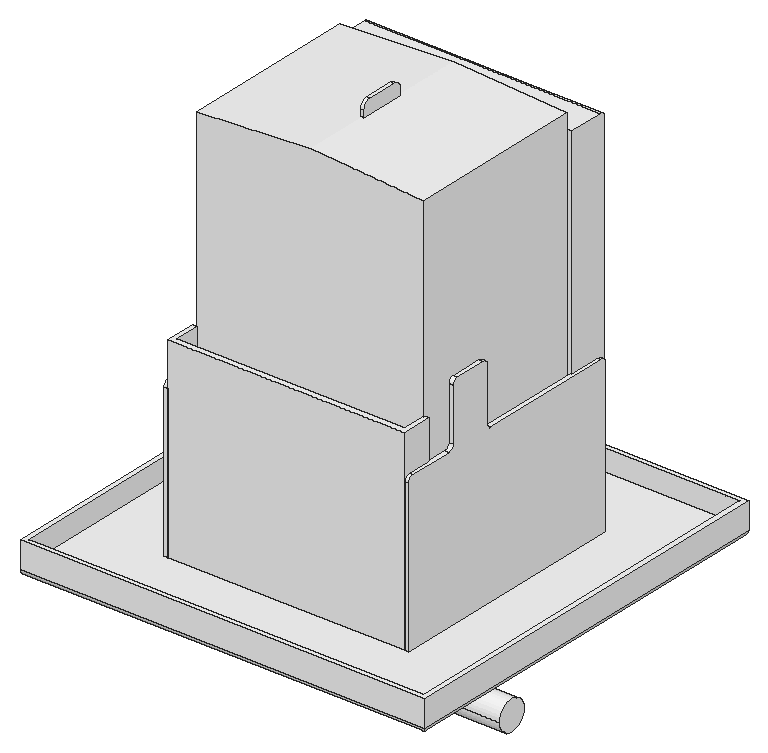
Revit family "NBS_DudleyIndustriesLimited_SoapDpnsrs_ModuloManualSoap", category Generic Models, Revit 2017
Family settings
  Can host rebar = No
  Round Connector Dimension = Use Diameter
  Part Type = Normal
  Work Plane-Based = No
  Always vertical = Yes
  Cut with Voids When Loaded = No
  Shared = No
  Room Calculation Point = No
Parameters (values of type "ModuloManualSoap")
  WarrantyStartDate [instance] = "1900-12-31T23:59:59"
  WarrantyGuarantorParts = "n/a"
  WarrantyGuarantorLabor = "n/a"
  WarrantyDurationUnit = "year"
  WarrantyDurationParts = "n/a"
  WarrantyDurationLabor = "n/a"
  WarrantyDescription = "10 year warranty"
  Version = "1"  # constant formula
  Uniclass2015Version = "Products v1.12"
  Uniclass2015Title = "Soap dispensers"
  Uniclass2015Code = "Pr_40_70_22_81"
  TagNumber [instance] = "n/a"
  SustainabilityPerformance = "n/a"
  Style = "Soap dispensers"
  Status = "New"
  SoapDispenserMaterial = NBS_Concept
  Size = "193 x 280 x 193 mm"
  Shape = "n/a"
  SerialNumber [instance] = "n/a"
  Revision = "n/a"
  ReplacementCost = "n/a"
  Reference = "n/a"
  ProductInformation = "n/a"
  Operation = "Manual"
  NominalWidth = 193 mm
  NominalLength = 193 mm
  NominalHeight = 280 mm
  NominalDepth = 193 mm
  Name = "SoapDispensers_ModuloManualSoap_DudleyIndustriesLimited"
  NBSReference = "45-35-72/358"
  NBSDescription = "Soap dispensers"
  NBSCertification = "www.nationalbimlibrary.com/cert/ahx1gfc4"
  ModelReference = "Modulo Manual Soap"
  ModelNumber = "92370BK"
  MaterialsFinishAndColour = "Matte black powder coated"
  MaterialsBody = "Stainless steel"
  Material = "Stainless steel"
  ManufacturerURL = "https://www.dudleyindustries.com/"
  ManufacturerName = "Dudley Industries Limited"  # constant formula
  Manufacturer = "tina.bowden@dudleyindustries.com"
  MainColor = "n/a"
  IsBuiltIn = yes
  InstallationDate [instance] = "1900-12-31T23:59:59"
  IfcExportType = "NOTDEFINED"  # constant formula
  IfcExportAs = "IfcFurnitureType"  # constant formula
  HasSoapDispenser [instance] = yes
  HalfPlates [instance] = no
  Grade = "Stainless Steel, EN1.4509"
  Form = "Fits the modulo behind the mirror system"
  Finish = "Matte black powder coated"
  Features = "Fits the modulo behind the mirror system, reservoir is quick and easy to refill, large 1L capacity for busy washrooms, dispensing pump compatible with most liquid soap formulations, spare consumables can be conveniently stored on the shelf within the cabinet, consumables not accessible and kept free from contamination by lockable cabinet cover, lever presented to user under the cabinet with clear instructions for use, lever protrudes 80mm under cabinet, no batteries required, utilises half a modular cabinet space, blanking plates available separately if required"
  ExpectedLife = "10"
  DurationUnit = "year"
  Description = "Soap dispenser for effective hand cleaning, pull lever, visible below the cabinet dispensers liquid soap in, palm of hand"
  Constituents = "n/a"
  Color = "Black"
  CodePerformance = "n/a"
  Category = "Pr_40_70_22_81:Soap dispensers"
  BarCode [instance] = "n/a"
  BIMObjectName = "NBS_DudleyIndustriesLimited_SoapDispensers_ModuloManualSoap"
  Author = "NBS"  # constant formula
  AssetType = "Fixed"
  AssetIdentifier [instance] = "n/a"
  AccessibilityPerformance = "n/a"
Reference planes
  plane 1 "Center (Front/Back)": y = 0
  plane 2: z = 0
  plane 3 "Center (Left/Right)": x = 0
  plane 4 "Right": x = -56.4
  plane 5 "Left": x = 56.4
  plane 6: x = -96.5
  plane 7: x = 96.5
  plane 8: z = 193.208
  plane 9: z = 200
  plane 10: z = -81.646
  plane 11: z = 15
  plane 12 "Front": y = 96.5
  plane 13 "Back": y = -96.5
  plane 14 "LeverCL": through (0, -38.953, -71.065) normal (0, 0.9931, 0.1173)
  plane 15: x = -199
  plane 16: x = 189
Forms (mm)
  Extrusion 1, solid, material "NBS_Concept" <- "SoapDispenserMaterial", detail levels medium+fine
    sketch origin (0, -96.5, 0) x (-1, 0, 0) y (0, 0, 1)
      loop
        line (-54.306, 190.194) -> (-54.306, 15) -> (54.212, 15) -> (54.212, 190.194)
        arc (54.212, 190.194) -> (-0.047, 193.209) -> (-54.306, 190.194) r 489.686
    from 52.438 to 137.65
  Extrusion 2, solid, material "NBS_Concept" <- "SoapDispenserMaterial", detail levels medium+fine
    sketch origin (0, 0, 0) x (0, -1, 0) y (0, 0, 1)
      loop
        line (12.984, 193.208) -> (12.984, 196.318)
        arc (12.984, 196.318) -> (11.906, 198.922) -> (9.302, 200) r 3.682
        line (9.302, 200) -> (-4.745, 200)
        arc (-4.745, 200) -> (-7.306, 198.939) -> (-8.367, 196.378) r 3.622
        line (-8.367, 196.378) -> (-8.367, 193.208) -> (12.984, 193.208)
    from -0.798 to 0.826
  Sweep 3, solid, material "NBS_Concept" <- "SoapDispenserMaterial", detail levels medium+fine
    path origin (0, 0, 0) x (-1, 0, 0) y (0, -1, 0)
      loop
        line (-96.5, 96.5) -> (-96.5, -96.5) -> (96.5, -96.5) -> (96.5, 96.5) -> (-96.5, 96.5)
    profile origin (0, -96.5, 0) x (0, -1, 0) y (0, 0, 1)
      loop
        line (0, 15) -> (-2.203, 15) -> (-2.203, 0)
        arc (-2.203, 0) -> (-0.645, 0.645) -> (0, 2.203) r 2.203
        line (0, 2.203) -> (0, 15)
  Extrusion 4, solid, material "NBS_Concept" <- "SoapDispenserMaterial", visible <- "HasSoapDispenser", detail levels medium+fine
    sketch origin (0, 0, 0) x (-1, 0, 0) y (0, -1, 0)
      loop
        line (-94.297, 94.297) -> (-94.297, -94.301) -> (94.301, -94.301) -> (94.301, 94.297) -> (-94.297, 94.297)
    from 0 to 5
  Revolve 5, solid, material "NBS_Concept" <- "SoapDispenserMaterial", visible <- "HasSoapDispenser"
    sketch origin (0, 46.695, -5.515) x (0, -0.117296, -0.993097) y (1, 0, 0)
      loop
        line (-9.405, 0) -> (-9.405, -6.013) -> (66.172, -6.013)
        arc (66.172, -6.013) -> (68.351, -3.383) -> (68.829, 0) r 6.275
        line (68.829, 0) -> (-9.405, 0)
      axis (-9.405, 0) -> (68.829, 0)
    angle from 0 to 360
  Extrusion 6, solid, material "NBS_Concept" <- "SoapDispenserMaterial", visible <- "HasSoapDispenser"
    sketch origin (0, 0, 0) x (0, -1, 0) y (0, 0, 1)
      loop
        circle (-38.523, -74.706) r 7.06
    from -30 to 30
  Extrusion 7, solid, material "NBS_Concept" <- "SoapDispenserMaterial", detail levels medium+fine
    sketch origin (0, 0, 0) x (0, -1, 0) y (0, 0, 1)
      loop
        line (-41.15, 183.099) -> (-58.607, 183.099)
        arc (-58.607, 183.099) -> (-60.046, 182.503) -> (-60.642, 181.064) r 2.035
        line (-60.642, 181.064) -> (-60.642, 5) -> (-41.15, 5) -> (-41.15, 183.099)
    from -56.4 to 56.4
  Extrusion 8, solid, material "NBS_Concept" <- "SoapDispenserMaterial", detail levels medium+fine
    sketch origin (-56.4, 0, 0) x (0, 0, 1) y (0, 1, 0)
      loop
        line (5, -58.35) -> (77.057, -58.35)
        arc (77.057, -58.35) -> (78.834, -57.614) -> (79.57, -55.837) r 2.513
        line (79.57, -55.837) -> (79.57, -34.167)
        arc (79.57, -34.167) -> (80.308, -32.386) -> (82.088, -31.649) r 2.518
        line (82.088, -31.649) -> (107.119, -31.649)
        arc (107.119, -31.649) -> (108.852, -30.931) -> (109.57, -29.198) r 2.451
        line (109.57, -29.198) -> (109.57, -14.162)
        arc (109.57, -14.162) -> (108.834, -12.385) -> (107.057, -11.649) r 2.513
        line (107.057, -11.649) -> (82.035, -11.649)
        arc (82.035, -11.649) -> (80.292, -10.926) -> (79.57, -9.183) r 2.465
        line (79.57, -9.183) -> (79.57, 56.269)
        arc (79.57, 56.269) -> (78.843, 58.023) -> (77.089, 58.75) r 2.481
        line (77.089, 58.75) -> (5, 58.75) -> (5, -58.35)
    from 0 to 2
  Extrusion 9, solid, material "NBS_Concept" <- "SoapDispenserMaterial", detail levels medium+fine
    sketch origin (56.4, 0, 0) x (0, 0, 1) y (0, -1, 0)
      loop
        line (5, 58.35) -> (5, -58.75) -> (77.089, -58.75)
        arc (77.089, -58.75) -> (78.843, -58.023) -> (79.57, -56.269) r 2.481
        line (79.57, -56.269) -> (79.57, 9.183)
        arc (79.57, 9.183) -> (80.292, 10.926) -> (82.035, 11.649) r 2.465
        line (82.035, 11.649) -> (107.057, 11.649)
        arc (107.057, 11.649) -> (108.834, 12.385) -> (109.57, 14.162) r 2.513
        line (109.57, 14.162) -> (109.57, 29.198)
        arc (109.57, 29.198) -> (108.852, 30.931) -> (107.119, 31.649) r 2.451
        line (107.119, 31.649) -> (82.088, 31.649)
        arc (82.088, 31.649) -> (80.308, 32.386) -> (79.57, 34.167) r 2.518
        line (79.57, 34.167) -> (79.57, 55.837)
        arc (79.57, 55.837) -> (78.834, 57.614) -> (77.057, 58.35) r 2.513
        line (77.057, 58.35) -> (5, 58.35)
    from 0 to 2
  Extrusion 10, solid, material "NBS_Concept" <- "SoapDispenserMaterial", detail levels medium+fine
    sketch origin (0, 0, 0) x (-1, 0, 0) y (0, -1, 0)
      loop
        line (-54.4, 43.819) -> (-54.4, 55.837) -> (54.4, 55.837) -> (54.4, 43.819) -> (56.4, 43.819) -> (56.4, 58.35) -> (-56.4, 58.35) -> (-56.4, 43.819) -> (-54.4, 43.819)
    from 5 to 98.005
  Extrusion 11, void
    sketch origin (0, 0, 0) x (-1, 0, 0) y (0, -1, 0)
      loop
        circle (0, 0) r 5.998
    from 0 to 5
  Extrusion 12, solid, material "NBS_Concept" <- "SoapDispenserMaterial", detail levels coarse
    sketch origin (-56.4, 0, 0) x (0, 0, 1) y (0, 1, 0)
      loop
        line (15, -60.25) -> (79.47, -60.25) -> (79.47, -52.776) -> (100.284, -52.776) -> (100.284, -44.062) -> (193.208, -44.062) -> (193.208, 41.15) -> (183.099, 41.15) -> (183.099, 60.273) -> (15, 60.273) -> (15, -60.25)
    from -112.8 to 0
  Extrusion 13, solid, material "NBS_Concept" <- "SoapDispenserMaterial", detail levels coarse
    sketch origin (-56.4, 0, 0) x (0, 0, 1) y (0, 1, 0)
      loop
        line (15, -96.5) -> (15, 96.5) -> (0, 96.5) -> (0, -96.5) -> (15, -96.5)
    from -152.9 to 40.1
  Extrusion 14, solid, material "NBS_Concept" <- "SoapDispenserMaterial"
    sketch origin (0, 0, 0) x (-1, 0, 0) y (0, -1, 0)
      loop
        line (-94.301, 94.301) -> (-94.301, -94.301) -> (94.301, -94.301) -> (94.301, 94.301) -> (-94.301, 94.301)
    from 0 to 5
  Extrusion 15, solid, material "NBS_Concept" <- "SoapDispenserMaterial", visible <- "HalfPlates"
    sketch origin (0, 0, 0) x (1, 0, 0) y (0, 1, 0)
      loop
        line (-96.53, 96.53) -> (-199, 96.53) -> (-199, -96.5) -> (-96.53, -96.5) -> (-96.53, 96.53)
      loop
        line (96.53, 96.53) -> (96.53, -96.5) -> (189, -96.5) -> (189, 96.53) -> (96.53, 96.53)
    from 0 to 5
Cuts and joins
  joined: Revolve 5, Extrusion 6
  Extrusion 11 cuts Extrusion 4
Dimensions and locks
  locked: plane 11 to level at 15
  locked: plane 9 to level at 200
  locked: level to plane 10 at 81.646
  plane 7 to plane 6 = 193.001 mm
  plane 5 "Left" to plane 6 = 152.901 mm
  plane 7 to plane 4 "Right" = 152.901 mm
  locked: plane 9 to plane 8 at 6.792
  equal spacing: plane 13 "Back", plane 1 "Center (Front/Back)", plane 12 "Front", locked at 96.5 each
  aligned and locked: level to plane 2
  aligned and locked: Extrusion 1 sketch curve to plane 11
  aligned and locked: profile plane to Sweep 3 sketch curve
  aligned and locked: Revolve 5 sketch curve to plane 3 "Center (Left/Right)"  (x2)
  aligned and locked: Extrusion 7 to plane 5 "Left"
  aligned and locked: plane 4 "Right" to Extrusion 7
  aligned and locked: Extrusion 10 sketch curve to plane 5 "Left"
  aligned and locked: plane 4 "Right" to Extrusion 10 sketch curve
  aligned and locked: Extrusion 11 sketch curve to plane 3 "Center (Left/Right)"
  aligned and locked: Extrusion 11 sketch curve to plane 1 "Center (Front/Back)"
  aligned and locked: plane 11 to Extrusion 12 sketch curve
  aligned and locked: Extrusion 13 sketch curve to Sweep 3  (x2)
  aligned and locked: Extrusion 13 sketch curve to level
  aligned and locked: Extrusion 15 sketch curve to Sweep 3  (x4)
  aligned and locked: plane 13 "Back" to Extrusion 15 sketch curve
  aligned and locked: Extrusion 15 sketch curve to plane 15
  aligned and locked: Extrusion 15 sketch curve to plane 13 "Back"
  aligned and locked: Extrusion 15 sketch curve to plane 16
Automatic sketch dimensions
  Extrusion 1 sketch curve to plane 5 "Left" = 2.094 mm
  plane 3 "Center (Left/Right)" to Extrusion 1 sketch curve = 0.047 mm
  plane 4 "Right" to Extrusion 1 sketch curve = 2.189 mm
  Extrusion 1 sketch curve to plane 10 = 214.831 mm
  plane 8 to Extrusion 1 sketch curve = 3.015 mm
  plane 8 to Extrusion 2 sketch curve = 0 mm
  Extrusion 2 sketch curve to plane 9 = 0 mm
  Extrusion 2 sketch curve to plane 1 "Center (Front/Back)" = 8.367 mm
  Extrusion 2 sketch curve to plane 1 "Center (Front/Back)" = 4.745 mm
  plane 1 "Center (Front/Back)" to Extrusion 2 sketch curve = 9.302 mm
  Extrusion 2 sketch curve to plane 8 = 3.11 mm
  Sweep 3 sketch curve to level = 0 mm
  profile plane to Sweep 3 sketch curve = 2.203 mm
  Sweep 3 sketch curve to Sweep 3 sketch curve = 12.797 mm
  Extrusion 4 sketch curve to plane 7 = 2.203 mm
  plane 6 to Extrusion 4 sketch curve = 2.199 mm
  plane 12 "Front" to Extrusion 4 sketch curve = 2.199 mm
  Extrusion 4 sketch curve to plane 13 "Back" = 2.203 mm
  Revolve 5 sketch curve to plane 3 "Center (Left/Right)" = 0.846 mm
  Revolve 5 sketch curve to Revolve 5 sketch curve = 72.017 mm
  Revolve 5 sketch curve to Revolve 5 sketch curve = 3.56 mm
  Revolve 5 sketch curve to Revolve 5 sketch curve = 6.217 mm
  Revolve 5 sketch curve to Revolve 5 sketch curve = 2368.383 mm
  Revolve 5 sketch curve to Revolve 5 sketch curve = 115.93 mm
  plane 10 to Extrusion 6 sketch curve = 6.94 mm
  level to Extrusion 7 sketch curve = 5 mm
  Extrusion 7 sketch curve to Extrusion 7 sketch curve = 2.035 mm
  plane 8 to Extrusion 7 sketch curve = 12.144 mm
  level to Extrusion 8 sketch curve = 5 mm
  plane 11 to Extrusion 8 sketch curve = 62.057 mm
  plane 11 to Extrusion 8 sketch curve = 62.089 mm
  Extrusion 8 sketch curve to Extrusion 8 sketch curve = 2.513 mm
  Extrusion 8 sketch curve to Extrusion 8 sketch curve = 2.481 mm
  Extrusion 8 sketch curve to Extrusion 8 sketch curve = 2.465 mm
  Extrusion 8 sketch curve to Extrusion 8 sketch curve = 2.518 mm
  plane 1 "Center (Front/Back)" to Extrusion 8 sketch curve = 11.649 mm
  Extrusion 8 sketch curve to Extrusion 8 sketch curve = 25.021 mm
  Extrusion 8 sketch curve to Extrusion 8 sketch curve = 0.063 mm
  Extrusion 8 sketch curve to Extrusion 8 sketch curve = 2.451 mm
  Extrusion 8 sketch curve to Extrusion 8 sketch curve = 15.036 mm
  Extrusion 8 sketch curve to Extrusion 8 sketch curve = 21.671 mm
  level to Extrusion 9 sketch curve = 5 mm
  plane 11 to Extrusion 9 sketch curve = 62.057 mm
  plane 11 to Extrusion 9 sketch curve = 62.089 mm
  Extrusion 9 sketch curve to Extrusion 9 sketch curve = 2.513 mm
  Extrusion 9 sketch curve to Extrusion 9 sketch curve = 2.481 mm
  Extrusion 9 sketch curve to Extrusion 9 sketch curve = 2.465 mm
  Extrusion 9 sketch curve to Extrusion 9 sketch curve = 2.518 mm
  plane 1 "Center (Front/Back)" to Extrusion 9 sketch curve = 11.649 mm
  Extrusion 9 sketch curve to Extrusion 9 sketch curve = 25.021 mm
  Extrusion 9 sketch curve to Extrusion 9 sketch curve = 0.063 mm
  Extrusion 9 sketch curve to Extrusion 9 sketch curve = 2.451 mm
  Extrusion 9 sketch curve to Extrusion 9 sketch curve = 15.036 mm
  Extrusion 9 sketch curve to Extrusion 9 sketch curve = 21.671 mm
  Extrusion 10 sketch curve to plane 5 "Left" = 2 mm
  Extrusion 10 sketch curve to Extrusion 10 sketch curve = 2 mm
  plane 1 "Center (Front/Back)" to Extrusion 10 sketch curve = 43.819 mm  (x2)
  Extrusion 10 sketch curve to Extrusion 10 sketch curve = 12.018 mm
  Extrusion 10 sketch curve to Extrusion 10 sketch curve = 2.513 mm
  plane 8 to Extrusion 12 sketch curve = 0 mm
  plane 11 to Extrusion 12 sketch curve = 64.47 mm
  Extrusion 12 sketch curve to Extrusion 12 sketch curve = 20.814 mm
  plane 8 to Extrusion 12 sketch curve = 10.109 mm
  Extrusion 12 sketch curve to plane 13 "Back" = 36.25 mm
  Extrusion 12 sketch curve to Extrusion 12 sketch curve = 7.474 mm
  plane 1 "Center (Front/Back)" to Extrusion 12 sketch curve = 44.062 mm
  Extrusion 12 sketch curve to Extrusion 12 sketch curve = 19.123 mm
  Extrusion 14 sketch curve to plane 7 = 2.199 mm
  plane 6 to Extrusion 14 sketch curve = 2.199 mm
  plane 12 "Front" to Extrusion 14 sketch curve = 2.199 mm
  Extrusion 14 sketch curve to plane 13 "Back" = 2.199 mm
  Sweep 3 sketch curve to plane 7 = 0 mm
  Sweep 3 sketch curve to plane 6 = 0 mm
  plane 12 "Front" to Sweep 3 sketch curve = 0 mm
  plane 13 "Back" to Sweep 3 sketch curve = 0 mm
  Extrusion 13 sketch curve to plane 12 "Front" = 0 mm
  Extrusion 6 sketch curve to plane 1 "Center (Front/Back)" = 38.523 mm
  plane 12 "Front" to Extrusion 7 sketch curve = 35.858 mm
  Extrusion 7 sketch curve to Extrusion 7 sketch curve = 17.457 mm
  plane 12 "Front" to Extrusion 8 sketch curve = 40.231 mm
  plane 12 "Front" to Extrusion 9 sketch curve = 40.231 mm
  Extrusion 12 sketch curve to plane 1 "Center (Front/Back)" = 41.15 mm
  radius of Extrusion 6 sketch curve = 7.06 mm
  radius of Extrusion 11 sketch curve = 5.998 mm
